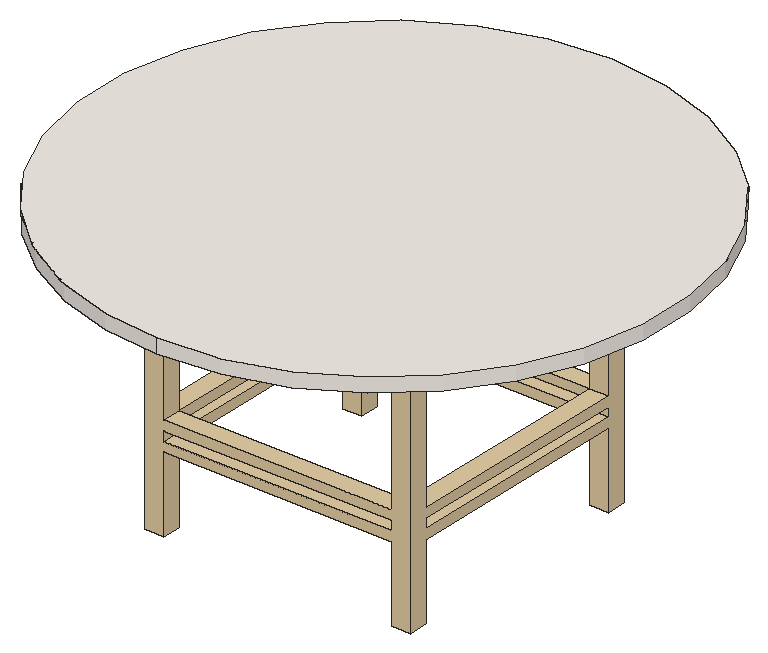
Revit family "M_Mesa-Jantar redonda", category Mobiliário, Revit 2019
Family settings
  Número OmniClass = 23.40.20.14.17.11
  Título OmniClass = Dining Room Tables
  ID de item do Seek = Table-Dining Round-0000-CAN-ENU
  Com base no plano de trabalho = Não
  Sempre na vertical = Sim
  Corte com vazios quando carregada = Não
  Compartilhado = Sim
  Ponto de cálculo do ambiente = Não
Parameters (values of type "1525 mm Diâmetro")
  Diâmetro = 1525.00 mm
  Altura = 762.00 mm
  Material base = Pinho
  Material superior = Laminado, Linho, Fosco
Types (4, lengths in mm): name | Diâmetro
  (no name) | 1525.00
  0915 mm Diâmetro | 915.00
  1525 mm Diâmetro | 1525.00
  2134 mm Diâmetro | 2134.00
Reference planes
  plane 1 "Centro (Frente/Trás)": y = -184.879
  plane 2: z = 0
  plane 3 "Centro (Esquerda/Direita)": x = 103.682
  plane 4: y = 577.621
  plane 5: y = -947.379
  plane 6: x = -658.818
  plane 7: x = 866.182
  plane 8: x = -277.568
  plane 9: x = 484.932
  plane 10: y = 196.371
  plane 11: y = -566.129
  plane 12: z = 762
Forms (mm)
  Extrusion 1, solid, material "Pinho" <- "Material base"
    sketch origin (0, 0, 0) x (1, 0, 0) y (0, 1, 0)
      loop
        line (-277.568, 196.371) -> (-277.568, -566.129) -> (484.932, -566.129) -> (484.932, 196.371) -> (-277.568, 196.371)
      loop
        line (-252.168, 170.971) -> (-252.168, -540.729) -> (459.532, -540.729) -> (459.532, 170.971) -> (-252.168, 170.971)
    from 647.7 to 723.9
  Extrusion 2, solid, material "Pinho" <- "Material base"
    sketch origin (0, 0, 0) x (1, 0, 0) y (0, 1, 0)
      loop
        line (-252.168, 170.971) -> (-252.168, 120.171) -> (-201.368, 120.171) -> (-201.368, 170.971) -> (-252.168, 170.971)
      loop
        line (459.532, 170.971) -> (408.732, 170.971) -> (408.732, 120.171) -> (459.532, 120.171) -> (459.532, 170.971)
      loop
        line (459.532, -540.729) -> (459.532, -489.929) -> (408.732, -489.929) -> (408.732, -540.729) -> (459.532, -540.729)
      loop
        line (-252.168, -540.729) -> (-201.368, -540.729) -> (-201.368, -489.929) -> (-252.168, -489.929) -> (-252.168, -540.729)
    from 0 to 647.7
  Extrusion 3, solid, material "Pinho" <- "Material base"
    sketch origin (0, 0, 0) x (1, 0, 0) y (0, 1, 0)
      loop
        line (-252.168, 170.971) -> (-252.168, -540.729) -> (459.532, -540.729) -> (459.532, 170.971) -> (-252.168, 170.971)
      loop
        line (-201.368, 120.171) -> (-201.368, -489.929) -> (408.732, -489.929) -> (408.732, 120.171) -> (-201.368, 120.171)
    from 254 to 279.4
  Extrusion 4, solid, material "Pinho" <- "Material base"
    sketch origin (0, 0, 0) x (1, 0, 0) y (0, 1, 0)
      loop
        line (-252.168, 170.971) -> (-252.168, -540.729) -> (459.532, -540.729) -> (459.532, 170.971) -> (-252.168, 170.971)
      loop
        line (-201.368, 120.171) -> (-201.368, -489.929) -> (408.732, -489.929) -> (408.732, 120.171) -> (-201.368, 120.171)
    from 203.2 to 228.6
  Extrusion 5, solid, material "Laminado, Linho, Fosco" <- "Material superior"
    sketch origin (0, 0, 762) x (0, -1, 0) y (-1, 0, 0)
      loop
        circle (184.879, -103.682) r 762.5
    from 0 to 38.1
Cuts and joins
  joined: Extrusion 2, Extrusion 3, Extrusion 4
Lines and regions (mm)
  Masking region 1
    outline origin (0, 0, 0) x (1, 0, 0) y (0, 1, 0)
      loop
        circle (103.682, -184.879) r 762.5
Dimensions and locks
  "Diâmetro": plane 6 to plane 7
  "Diâmetro": plane 5 to plane 4
  equal spacing: plane 6, plane 8, plane 3 "Centro (Esquerda/Direita)", plane 9, plane 7
  equal spacing: plane 5, plane 11, plane 1 "Centro (Frente/Trás)", plane 10, plane 4
  locked: Extrusion 1 sketch curve to Extrusion 1 sketch curve at 25.4  (x4)
  "Altura": plane 12 to plane 2
  locked: Extrusion 2 sketch curve to Extrusion 2 sketch curve at 50.8  (x5)
  locked: Extrusion 1 to Extrusion 1 at 76.2
  aligned and locked: Extrusion 2 sketch curve to Extrusion 1  (x3)
  aligned and locked: plane 3 "Centro (Esquerda/Direita)" to Extrusion 5 sketch curve
  aligned and locked: Extrusion 1 to Extrusion 5
  aligned and locked: Extrusion 2 to Extrusion 1
  aligned and locked: Masking region 1 sketch curve to Extrusion 5
  aligned: Masking region 1 sketch curve to Extrusion 5
Automatic sketch dimensions
  Extrusion 1 sketch curve to plane 8 = 0.00 mm
  Extrusion 1 sketch curve to plane 9 = 0.00 mm
  Extrusion 1 sketch curve to plane 11 = 0.00 mm
  Extrusion 1 sketch curve to plane 10 = 0.00 mm
  Extrusion 2 sketch curve to plane 8 = 25.40 mm  (x2)
  Extrusion 2 sketch curve to Extrusion 2 sketch curve = 50.80 mm  (x3)
  Extrusion 2 sketch curve to plane 11 = 25.40 mm
  plane 9 to Extrusion 2 sketch curve = 25.40 mm  (x2)
  Extrusion 3 sketch curve to plane 8 = 25.40 mm
  Extrusion 3 sketch curve to Extrusion 3 sketch curve = 50.80 mm  (x2)
  plane 9 to Extrusion 3 sketch curve = 76.20 mm
  plane 9 to Extrusion 3 sketch curve = 25.40 mm
  Extrusion 3 sketch curve to plane 11 = 25.40 mm
  Extrusion 3 sketch curve to plane 10 = 76.20 mm
  Extrusion 3 sketch curve to plane 10 = 25.40 mm
  Extrusion 4 sketch curve to plane 8 = 25.40 mm
  Extrusion 4 sketch curve to Extrusion 4 sketch curve = 50.80 mm  (x2)
  plane 9 to Extrusion 4 sketch curve = 76.20 mm
  plane 9 to Extrusion 4 sketch curve = 25.40 mm
  Extrusion 4 sketch curve to plane 11 = 25.40 mm
  Extrusion 4 sketch curve to plane 10 = 76.20 mm
  Extrusion 4 sketch curve to plane 10 = 25.40 mm
  Extrusion 5 sketch curve to plane 4 = 0.00 mm
  Extrusion 5 sketch curve to plane 1 "Centro (Frente/Trás)" = 0.00 mm
